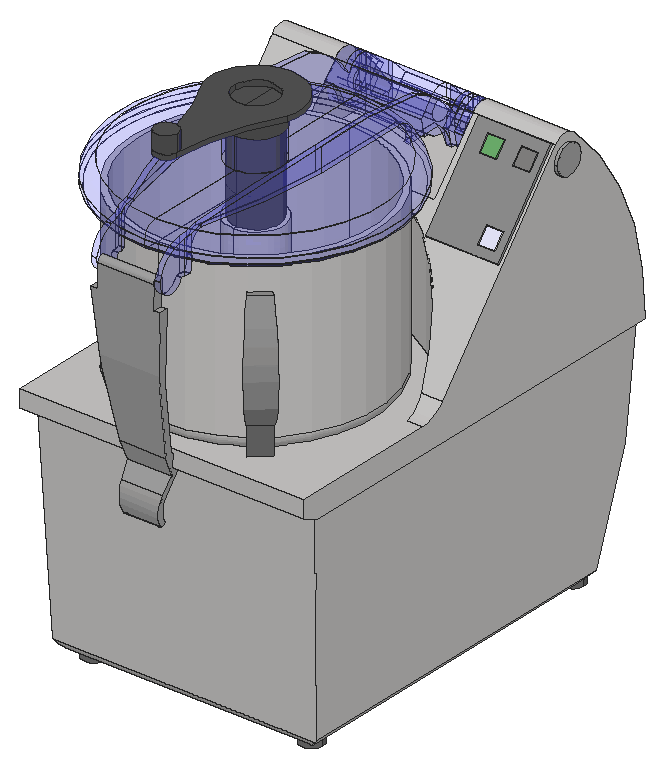
Revit family "QF_DITOSAMA_600451_DK55YVVI", category Specialty Equipment, Revit 2018
Family settings
  Round Connector Dimension = Use Diameter
  Part Type = Normal
  Work Plane-Based = No
  Always vertical = Yes
  Cut with Voids When Loaded = No
  Shared = No
  Room Calculation Point = No
Parameters (values of type "Standard")
  Weight = 22.00 kg
  Watts = 0 W
  Volts = 200 V
  URL Manufacturer = "http://www.ditosama.com"
  URL = "http://www.ditosama.com"
  Steam Supply Size = 0 mm
  Steam Supply Minimum Pressure = 0.0 Pa
  Steam Supply Maximum Pressure = 0.0 Pa
  Steam Pounds per Hour = 0
  Refrigeration Suction Line Size = 0.0 mm
  Refrigeration Liquid Line Size = 0.0 mm
  Refrigerant Compressor Remote = yes
  Manufacturer = "Dito Sama"
  Phase = 1
  Model = "DK55YVVI"
  Length Actual = 256.0 mm  # constant formula
  Item Number = "600451"
  Hot Water Size = 0 mm
  Height Actual = 482.0 mm  # constant formula
  HP = "1.7 HP"
  Gas Size = 0 mm
  Gas KW = 0
  Gas Input Pressure = 0 W
  Direct Waste Size = 0 mm
  Description = "CUTTER-MIXER 5.5L-MICROTOOTHED BLADE-VARIAB.SPEED-1300W-200-240V/1N/50-60-CB APPROVED, SCHUKO PLUG"
  Depth Actual = 415.0 mm  # constant formula
  Cycle = 50 Hz
  Condensate Return Size = 0 mm
  Compressed Air Volume = 0.0 L/s
  Compressed Air Size = 0 mm
  Compressed Air Pressure = 0.0 Pa
  Cold Water Size = 0 mm
  Accessory = yes
Reference planes
  plane 1 "Center (Front/Back)": y = 0
  plane 2: z = 0
  plane 3 "Center (Left/Right)": x = 0
  plane 4 "BASE": z = 6
  plane 5 "TOP": z = 685
  plane 6 "FRONT": y = -207.5
  plane 7 "BACK": y = 207.5
  plane 8 "LEFT": x = -128
  plane 9 "RIGHT": x = 128
  plane 10 "CenterX": x = -10
  plane 11 "Maniglia": through (-10, -59.177, 4000) normal (0.766, 0.6428, 0)
  plane 12 "Panel": through (4267.2, 107.252, 388.448) normal (0, 0.766, -0.6428)
  plane 13: z = 470
Forms (mm)
  Extrusion 1, solid, material "QF_Finishes_Stainless Steel"
    sketch origin (0, 0, 0) x (0, 1, 0) y (0, 0, 1)
      loop
        arc (155.897, 6) -> (160.37, 10.596) -> (163.359, 16.27) r 22.417
        arc (163.359, 16.27) -> (192.273, 107.896) -> (201.98, 203.483) r 470.678
        line (201.98, 203.483) -> (-161.42, 203.483)
        arc (-161.42, 203.483) -> (-159.547, 108.877) -> (-151.391, 14.604) r 1423.016
        arc (-151.391, 14.604) -> (-146.603, 8.365) -> (-139.103, 6) r 13.076
        line (-139.103, 6) -> (155.897, 6)
    from -128 to 128
  Extrusion 2, void
    sketch origin (0, -207.5, 0) x (-1, 0, 0) y (0, 0, 1)
      loop
        line (128, 203.483) -> (125, 203.483) -> (119.389, 16.27) -> (109.119, 6) -> (128, 6) -> (128, 203.483)
      loop
        line (-128, 203.483) -> (-128, 6) -> (-109.119, 6) -> (-119.389, 16.27) -> (-125, 203.483) -> (-128, 203.483)
    from 14.374 to 435.947
  Extrusion 3, solid, material "QF_Finishes_Stainless Steel"
    sketch origin (0, 0, 0) x (0, 1, 0) y (0, 0, 1)
      loop
        arc (207.5, 203.483) -> (187.745, 305.45) -> (127.203, 389.844) r 242.898
        arc (127.203, 389.844) -> (116.931, 393.38) -> (107.252, 388.448) r 13.902
        line (107.252, 388.448) -> (-20.106, 236.67)
        arc (-20.106, 236.67) -> (-30.264, 228.875) -> (-42.764, 226.104) r 29.578
        line (-42.764, 226.104) -> (-177.764, 226.104) -> (-177.764, 211.104) -> (-161.42, 203.483) -> (207.5, 203.483)
    from -128 to 128
  Extrusion 4, void
    sketch origin (0, -207.5, 0) x (-1, 0, 0) y (0, 0, 1)
      loop
        line (-53.607, 393.414) -> (-53.607, 336.684) -> (71.073, 336.684) -> (71.073, 393.414) -> (-53.607, 393.414)
    from 255.469 to 415
  Revolve 5, solid, material "QF_Plastic-Black"
    sketch origin (-10, 0, 0) x (0, -1, 0) y (0, 0, 1)
      loop
        line (59.177, 450.527) -> (28.516, 450.527) -> (35.424, 443.619) -> (35.424, 430.527) -> (38.194, 430.527) -> (38.194, 356.104) -> (59.177, 356.104) -> (59.177, 450.527)
      axis (59.177, 356.104) -> (59.177, 450.527)
    angle from 0 to 360
  Extrusion 6, solid, material "QF_Plastic-Black"
    sketch origin (0, 0, 0) x (1, 0, 0) y (0, 1, 0)
      loop
        arc (-48.167, -71.147) -> (-28.951, -114.517) -> (-19.956, -161.093) r 210.055
        arc (-19.956, -161.093) -> (-10, -170.155) -> (-0.044, -161.093) r 10
        arc (-0.044, -161.093) -> (8.951, -114.517) -> (28.167, -71.147) r 210.055
        arc (28.167, -71.147) -> (-10, -19.177) -> (-48.167, -71.147) r 40
    from 450.5 to 455
  Extrusion 7, solid, material "QF_Plastic-Black"
    sketch origin (0, 0, 0) x (1, 0, 0) y (0, 1, 0)
      loop
        circle (-10, -160.155) r 10
    from 455 to 470
  Extrusion 8, void
    sketch origin (0, 0, 0) x (1, 0, 0) y (0, 1, 0)
      loop
        circle (-10, -59.177) r 19
    from 427.6 to 472.8
  Extrusion 9, void
    sketch origin (0, 0, 0) x (1, 0, 0) y (0, 1, 0)
      loop
        arc (115, -59.177) -> (-10, 65.823) -> (-135, -59.177) r 125
        line (-135, -59.177) -> (115, -59.177)
    from 226.104 to 336.684
  Extrusion 10, void
    sketch origin (-20, 0, 0) x (-1, 0, 0) y (0, -1, 0)
      loop
        line (16.15, 177.864) -> (16.15, -123.86) -> (35.771, -123.86) -> (35.771, 48.192)
        arc (35.771, 48.192) -> (30.047, 105.502) -> (17.781, 161.776) r 500.876
        line (17.781, 161.776) -> (17.781, 171.776) -> (16.15, 177.864)
      loop
        line (40.771, -123.86) -> (45.852, -123.86) -> (45.852, 210.681) -> (21.15, 210.681) -> (21.15, 178.522) -> (22.781, 172.434) -> (22.781, 162.459)
        arc (22.781, 162.459) -> (35.047, 105.893) -> (40.771, 48.297) r 505.876
        line (40.771, 48.297) -> (40.771, -123.86)
    from 350.345 to 477.521
  Extrusion 11, solid, material "Glass"
    sketch origin (-20, 0, 0) x (0, 1, 0) y (0, 0, -1)
      loop
        line (-173.064, -369.647) -> (-181.303, -369.647)
        arc (-181.303, -369.647) -> (-196.341, -361.818) -> (-205.451, -376.117) r 12.548
        arc (-205.451, -376.117) -> (-199.87, -388.651) -> (-189.058, -397.099) r 28.357
        arc (-189.058, -397.099) -> (-65.868, -423.241) -> (59.99, -418.888) r 518.061
        arc (59.99, -418.888) -> (85.116, -404.522) -> (104.437, -382.973) r 90.696
        arc (104.437, -382.973) -> (113.885, -392.821) -> (127.203, -389.844) r 13.902
        arc (127.203, -389.844) -> (135.322, -382.188) -> (143.082, -374.167) r 242.898
        line (143.082, -374.167) -> (137.378, -368.464)
        arc (137.378, -368.464) -> (123.613, -353.84) -> (104.088, -358.543) r 20
        line (104.088, -358.543) -> (99.34, -358.543)
        arc (99.34, -358.543) -> (94.194, -371.609) -> (85.823, -382.884) r 53.446
        line (85.823, -382.884) -> (50.823, -382.884)
        arc (50.823, -382.884) -> (52.796, -383.701) -> (53.614, -385.674) r 2.79
        line (53.614, -385.674) -> (53.614, -390.892)
        arc (53.614, -390.892) -> (50.154, -399.244) -> (41.802, -402.703) r 11.812
        line (41.802, -402.703) -> (-160.307, -402.703)
        arc (-160.307, -402.703) -> (-168.659, -399.244) -> (-172.119, -390.892) r 11.812
        line (-172.119, -390.892) -> (-172.119, -385.826)
        arc (-172.119, -385.826) -> (-171.728, -384.361) -> (-170.659, -383.285) r 2.942
        line (-170.659, -383.285) -> (-173.064, -369.647)
      loop
        circle (117.901, -373.007) r 9.416
    from 16.15 to 45.852
  Extrusion 12, solid, material "Glass"
    sketch origin (0, 0, 0) x (0, 1, 0) y (0, 0, 1)
      loop
        line (137.378, 368.464) -> (143.082, 374.167)
        arc (143.082, 374.167) -> (135.322, 382.188) -> (127.203, 389.844) r 242.898
        arc (127.203, 389.844) -> (116.931, 393.38) -> (107.252, 388.448) r 13.902
        line (107.252, 388.448) -> (95.766, 374.76)
        arc (95.766, 374.76) -> (97.862, 366.72) -> (99.34, 358.543) r 108.872
        line (99.34, 358.543) -> (104.088, 358.543)
        arc (104.088, 358.543) -> (123.613, 353.84) -> (137.378, 368.464) r 20
      loop
        circle (117.901, 373.007) r 9.416
    from -71.073 to 53.607
  Extrusion 13, solid, material "QF_Finishes_Gray"
    sketch origin (0, 0, 0) x (0, 1, 0) y (0, 0, 1)
      loop
        arc (-182.273, 168.111) -> (-185.377, 178.111) -> (-182.273, 188.111) r 17.658
        line (-182.273, 188.111) -> (-169.592, 207.294) -> (-177.764, 211.104) -> (-177.764, 222.201) -> (-180.378, 224.815)
        arc (-180.378, 224.815) -> (-194.973, 298.318) -> (-196.805, 373.235) r 437.299
        arc (-196.805, 373.235) -> (-201.296, 377.726) -> (-205.788, 373.235) r 4.491
        arc (-205.788, 373.235) -> (-201.07, 296.739) -> (-185.461, 221.705) r 534.528
        line (-185.461, 221.705) -> (-177.764, 203.503) -> (-186.394, 190.943)
        arc (-186.394, 190.943) -> (-190.377, 178.111) -> (-186.394, 165.28) r 22.658
        arc (-186.394, 165.28) -> (-182.917, 164.635) -> (-182.273, 168.111) r 2.5
    from -49.646 to 27.326
  Extrusion 14, void
    sketch origin (0, -207.5, 0) x (-1, 0, 0) y (0, 0, 1)
      loop
        line (-15.15, 396.938) -> (-47.326, 396.938) -> (-47.326, 161.938) -> (-5.366, 161.938) -> (-20.516, 351.652) -> (-15.15, 351.652) -> (-15.15, 396.938)
      loop
        line (26.963, 161.938) -> (77.918, 161.938) -> (77.918, 396.938) -> (35.15, 396.938) -> (35.15, 351.652) -> (42.113, 351.652) -> (26.963, 161.938)
    from 46.08 to -69.339
  Extrusion 15, solid, material "Glass"
    sketch origin (0, 0, 0) x (0, 1, 0) y (0, 0, 1)
      loop
        line (-173.064, 369.647) -> (-170.659, 383.285)
        arc (-170.659, 383.285) -> (-171.728, 384.361) -> (-172.119, 385.826) r 2.942
        line (-172.119, 385.826) -> (-172.119, 390.892)
        arc (-172.119, 390.892) -> (-168.659, 399.244) -> (-160.307, 402.703) r 11.812
        line (-160.307, 402.703) -> (41.802, 402.703)
        arc (41.802, 402.703) -> (50.154, 399.244) -> (53.614, 390.892) r 11.812
        line (53.614, 390.892) -> (53.614, 385.674)
        arc (53.614, 385.674) -> (52.796, 383.701) -> (50.823, 382.884) r 2.79
        line (50.823, 382.884) -> (85.823, 382.884)
        arc (85.823, 382.884) -> (94.194, 371.609) -> (99.34, 358.543) r 53.446
        line (99.34, 358.543) -> (104.088, 358.543)
        arc (104.088, 358.543) -> (123.613, 353.84) -> (137.378, 368.464) r 20
        line (137.378, 368.464) -> (143.082, 374.167)
        arc (143.082, 374.167) -> (135.322, 382.188) -> (127.203, 389.844) r 242.898
        arc (127.203, 389.844) -> (113.885, 392.821) -> (104.437, 382.973) r 13.902
        arc (104.437, 382.973) -> (85.116, 404.522) -> (59.99, 418.888) r 90.696
        arc (59.99, 418.888) -> (-65.868, 423.241) -> (-189.058, 397.099) r 518.061
        arc (-189.058, 397.099) -> (-199.87, 388.651) -> (-205.451, 376.117) r 28.357
        arc (-205.451, 376.117) -> (-196.341, 361.818) -> (-181.303, 369.647) r 12.548
        line (-181.303, 369.647) -> (-173.064, 369.647)
      loop
        circle (117.901, 373.007) r 9.416
    from 16.15 to 45.852
  Extrusion 16, void
    sketch origin (0, 0, 0) x (1, 0, 0) y (0, 1, 0)
      loop
        line (16.15, -177.864) -> (17.781, -171.776) -> (17.781, -161.776)
        arc (17.781, -161.776) -> (30.047, -105.502) -> (35.771, -48.192) r 500.876
        line (35.771, -48.192) -> (35.771, 123.86) -> (16.15, 123.86) -> (16.15, -177.864)
      loop
        line (40.771, 123.86) -> (40.771, -48.297)
        arc (40.771, -48.297) -> (35.047, -105.893) -> (22.781, -162.459) r 505.876
        line (22.781, -162.459) -> (22.781, -172.434) -> (21.15, -178.522) -> (21.15, -210.681) -> (45.852, -210.681) -> (45.852, 123.86) -> (40.771, 123.86)
    from 350.345 to 477.521
  Revolve 17, solid, material "Glass"
    sketch origin (-10, 0, -40) x (0, -1, 0) y (0, 0, 1)
      loop
        line (38.194, 422.884) -> (38.194, 470.527) -> (35.424, 470.527) -> (35.424, 442.703) -> (-53.802, 442.703)
        arc (-53.802, 442.703) -> (-62.213, 439.268) -> (-65.732, 430.892) r 11.871
        line (-65.732, 430.892) -> (-65.732, 425.793)
        arc (-65.732, 425.793) -> (-64.88, 423.736) -> (-62.823, 422.884) r 2.909
        line (-62.823, 422.884) -> (38.194, 422.884)
      axis (59.177, 422.884) -> (59.177, 470.527)
    angle from 0 to 360
  Revolve 18, solid, material "QF_Metal-Stainless-Polished"
    sketch origin (-10, 0, 0) x (0, -1, 0) y (0, 0, 1)
      loop
        line (169.177, 382.884) -> (164.177, 382.884) -> (164.177, 237.884)
        arc (164.177, 237.884) -> (162.191, 233.09) -> (157.397, 231.104) r 6.78
        line (157.397, 231.104) -> (84.177, 231.104) -> (84.177, 356.104) -> (79.177, 356.104) -> (79.177, 226.104) -> (157.397, 226.104)
        arc (157.397, 226.104) -> (165.726, 229.554) -> (169.177, 237.884) r 11.78
        line (169.177, 237.884) -> (169.177, 382.884)
      axis (59.177, 382.884) -> (59.177, 226.104)
    angle from 0 to 360
  Extrusion 19, solid, material "QF_Plastic-Gray-Matte"
    sketch origin (-49.423, -13.925, 0) x (0.634002, 0.773331, 0) y (-0.773331, 0.634002, 0)
      loop
        line (-55.497, -222.333) -> (-26.468, -227.794) -> (-20.635, -161.119)
        arc (-20.635, -161.119) -> (-28.727, -159.898) -> (-36.729, -158.185) r 133.529
        line (-36.729, -158.185) -> (-55.497, -222.333)
    from 226.104 to 356.104
  Revolve 20, void
    sketch origin (-35.007, -29.374, 0) x (-0.642788, 0.766044, 0) y (0, 0, 1)
      loop
        arc (-155.215, 337.579) -> (-171.344, 302.579) -> (-155.215, 267.579) r 46.04
        line (-155.215, 267.579) -> (-147.754, 267.579) -> (-147.754, 337.579) -> (-155.215, 337.579)
      loop
        line (-155.215, 356.104) -> (-147.754, 356.104) -> (-147.754, 361.761) -> (-215.215, 361.761) -> (-215.215, 226.104) -> (-147.754, 226.104) -> (-147.754, 256.485) -> (-163.93, 256.485)
        arc (-163.93, 256.485) -> (-184.453, 308.471) -> (-155.215, 356.104) r 62.537
      axis (10, 361.761) -> (10, 226.104)
    angle from -8.217 to 8.652
  Extrusion 21, solid, material "QF_Finishes_Rubber Black"
    sketch origin (0, 0, 0) x (1, 0, 0) y (0, 1, 0)
      loop
        arc (57.446, -154.071) -> (64.931, -148.135) -> (72.061, -141.775) r 165.215
        line (72.061, -141.775) -> (66.401, -136.116)
        arc (66.401, -136.116) -> (59.824, -141.977) -> (52.928, -147.46) r 157.215
        line (52.928, -147.46) -> (57.446, -154.071)
    from 226.104 to 256.485
  Extrusion 22, solid, material "QF_Plastic-Gray-Matte"
    sketch origin (0, -128.336, 107.686) x (0, 0.642788, 0.766044) y (1, 0, 0)
      loop
        line (366.07, 59.066) -> (366.07, 124.8) -> (272.743, 124.8) -> (272.743, 59.066) -> (366.07, 59.066)
      loop
        line (356.63, 102.599) -> (356.63, 117.599) -> (341.63, 117.599) -> (341.63, 102.599) -> (356.63, 102.599)
      loop
        line (295.63, 102.599) -> (295.63, 117.599) -> (280.63, 117.599) -> (280.63, 102.599) -> (295.63, 102.599)
      loop
        line (356.63, 72.599) -> (356.63, 87.599) -> (341.63, 87.599) -> (341.63, 72.599) -> (356.63, 72.599)
    from -1 to 0.6
  Extrusion 23, solid, material "QF_Finishes_Red"
    sketch origin (0, -128.336, 107.686) x (0, 0.642788, 0.766044) y (1, 0, 0)
      loop
        line (356.63, 102.599) -> (356.63, 117.599) -> (341.63, 117.599) -> (341.63, 102.599) -> (356.63, 102.599)
    from -1 to 0.6
  Extrusion 24, solid, material "QF_Finishes_Green"
    sketch origin (-27.396, -127.834, 108.284) x (0, 0.642788, 0.766044) y (1, 0, 0)
      loop
        line (355.85, 99.994) -> (355.85, 114.994) -> (340.786, 114.994) -> (340.786, 99.994) -> (355.85, 99.994)
    from -1 to 0.6
  Extrusion 25, solid, material "QF_Plastic-White-Matte"
    sketch origin (0, -167.546, 60.958) x (0, 0.642788, 0.766044) y (1, 0, 0)
      loop
        line (356.63, 102.599) -> (356.63, 117.599) -> (341.63, 117.599) -> (341.63, 102.599) -> (356.63, 102.599)
    from -1 to 0.6
  Extrusion 26, solid, material "QF_Finishes_Stainless Steel"
    sketch origin (0, 207.5, 0) x (-1, 0, 0) y (0, 0, 1)
      loop
        circle (0, 202) r 10.353
    from -6.2 to 3
  Revolve 27, solid, material "QF_Door-Drawer Clearances", detail levels coarse
    sketch origin (-10, -221.856, 479.549) x (0, 0, 1) y (0, 1, 0)
      loop
        line (59.177, 490.527) -> (28.516, 490.527) -> (35.424, 483.619) -> (35.424, 470.527) -> (38.194, 470.527) -> (38.194, 442.703) -> (59.177, 442.703) -> (59.177, 490.527)
      axis (59.177, 442.703) -> (59.177, 490.527)
    angle from 0 to 360
  Extrusion 28, solid, material "QF_Door-Drawer Clearances", detail levels coarse
    sketch origin (0, -221.856, 479.549) x (1, 0, 0) y (0, 0, -1)
      loop
        arc (-48.167, -71.147) -> (-28.951, -114.517) -> (-19.956, -161.093) r 210.055
        arc (-19.956, -161.093) -> (-10, -170.155) -> (-0.044, -161.093) r 10
        arc (-0.044, -161.093) -> (8.951, -114.517) -> (28.167, -71.147) r 210.055
        arc (28.167, -71.147) -> (-10, -19.177) -> (-48.167, -71.147) r 40
    from 490.527 to 495.013
  Extrusion 29, solid, material "QF_Door-Drawer Clearances", detail levels coarse
    sketch origin (0, -221.856, 479.549) x (1, 0, 0) y (0, 0, -1)
      loop
        circle (-10, -160.155) r 10
    from 495.013 to 510.592
  Extrusion 30, void
    sketch origin (-20, -221.856, 479.359) x (-1, 0, 0) y (0, 0, 1)
      loop
        line (16.15, 177.864) -> (16.15, -123.86) -> (35.771, -123.86) -> (35.771, 48.192)
        arc (35.771, 48.192) -> (30.047, 105.502) -> (17.781, 161.776) r 500.876
        line (17.781, 161.776) -> (17.781, 171.776) -> (16.15, 177.864)
      loop
        line (40.771, -123.86) -> (45.852, -123.86) -> (45.852, 210.681) -> (21.15, 210.681) -> (21.15, 178.522) -> (22.781, 172.434) -> (22.781, 162.459)
        arc (22.781, 162.459) -> (35.047, 105.893) -> (40.771, 48.297) r 505.876
        line (40.771, 48.297) -> (40.771, -123.86)
    from 350.345 to 477.521
  Extrusion 31, solid, material "QF_Door-Drawer Clearances", detail levels coarse
    sketch origin (-20, -221.856, 479.359) x (0, 0, -1) y (0, -1, 0)
      loop
        line (-173.064, -409.647) -> (-181.303, -409.647)
        arc (-181.303, -409.647) -> (-196.341, -401.818) -> (-205.451, -416.117) r 12.548
        arc (-205.451, -416.117) -> (-199.87, -428.651) -> (-189.058, -437.099) r 28.357
        arc (-189.058, -437.099) -> (-65.868, -463.241) -> (59.99, -458.888) r 518.061
        arc (59.99, -458.888) -> (92.246, -438.11) -> (113.023, -405.855) r 90.696
        arc (113.023, -405.855) -> (114.903, -399.662) -> (115.972, -393.28) r 50.278
        arc (115.972, -393.28) -> (121.968, -392.806) -> (127.203, -389.844) r 13.902
        arc (127.203, -389.844) -> (129.309, -387.924) -> (131.393, -385.98) r 242.898
        arc (131.393, -385.98) -> (114.739, -373.307) -> (99.238, -359.247) r 242.898
        arc (99.238, -359.247) -> (87.934, -393.903) -> (65.823, -422.884) r 108.872
        line (65.823, -422.884) -> (50.823, -422.884)
        arc (50.823, -422.884) -> (52.796, -423.701) -> (53.614, -425.674) r 2.79
        line (53.614, -425.674) -> (53.614, -430.892)
        arc (53.614, -430.892) -> (50.154, -439.244) -> (41.802, -442.703) r 11.812
        line (41.802, -442.703) -> (-160.307, -442.703)
        arc (-160.307, -442.703) -> (-168.659, -439.244) -> (-172.119, -430.892) r 11.812
        line (-172.119, -430.892) -> (-172.119, -425.826)
        arc (-172.119, -425.826) -> (-171.728, -424.361) -> (-170.659, -423.285) r 2.942
        line (-170.659, -423.285) -> (-173.064, -409.647)
    from 16.15 to 45.852
  Extrusion 32, void
    sketch origin (0, -221.856, 479.359) x (1, 0, 0) y (0, 0, -1)
      loop
        line (16.15, -177.864) -> (17.781, -171.776) -> (17.781, -161.776)
        arc (17.781, -161.776) -> (30.047, -105.502) -> (35.771, -48.192) r 500.876
        line (35.771, -48.192) -> (35.771, 123.86) -> (16.15, 123.86) -> (16.15, -177.864)
      loop
        line (40.771, 123.86) -> (40.771, -48.297)
        arc (40.771, -48.297) -> (35.047, -105.893) -> (22.781, -162.459) r 505.876
        line (22.781, -162.459) -> (22.781, -172.434) -> (21.15, -178.522) -> (21.15, -210.681) -> (45.852, -210.681) -> (45.852, 123.86) -> (40.771, 123.86)
    from 350.345 to 477.521
  Extrusion 33, solid, material "QF_Door-Drawer Clearances", detail levels coarse
    sketch origin (0, -221.856, 479.359) x (0, 0, -1) y (0, 1, 0)
      loop
        line (-173.064, 409.647) -> (-170.659, 423.285)
        arc (-170.659, 423.285) -> (-171.728, 424.361) -> (-172.119, 425.826) r 2.942
        line (-172.119, 425.826) -> (-172.119, 430.892)
        arc (-172.119, 430.892) -> (-168.659, 439.244) -> (-160.307, 442.703) r 11.812
        line (-160.307, 442.703) -> (41.802, 442.703)
        arc (41.802, 442.703) -> (50.154, 439.244) -> (53.614, 430.892) r 11.812
        line (53.614, 430.892) -> (53.614, 425.674)
        arc (53.614, 425.674) -> (52.796, 423.701) -> (50.823, 422.884) r 2.79
        line (50.823, 422.884) -> (65.823, 422.884)
        arc (65.823, 422.884) -> (87.934, 393.903) -> (99.238, 359.247) r 108.872
        arc (99.238, 359.247) -> (114.739, 373.307) -> (131.393, 385.98) r 242.898
        arc (131.393, 385.98) -> (129.309, 387.924) -> (127.203, 389.844) r 242.898
        arc (127.203, 389.844) -> (121.968, 392.806) -> (115.972, 393.28) r 13.902
        arc (115.972, 393.28) -> (114.903, 399.662) -> (113.023, 405.855) r 50.278
        arc (113.023, 405.855) -> (92.246, 438.11) -> (59.99, 458.888) r 90.696
        arc (59.99, 458.888) -> (-65.868, 463.241) -> (-189.058, 437.099) r 518.061
        arc (-189.058, 437.099) -> (-199.87, 428.651) -> (-205.451, 416.117) r 28.357
        arc (-205.451, 416.117) -> (-196.341, 401.818) -> (-181.303, 409.647) r 12.548
        line (-181.303, 409.647) -> (-173.064, 409.647)
    from 16.15 to 45.852
  Revolve 34, solid, material "QF_Door-Drawer Clearances", detail levels coarse
    sketch origin (-10, -221.856, 479.549) x (0, 0, 1) y (0, 1, 0)
      loop
        line (38.194, 422.884) -> (38.194, 470.527) -> (35.424, 470.527) -> (35.424, 442.703) -> (-53.802, 442.703)
        arc (-53.802, 442.703) -> (-62.213, 439.268) -> (-65.732, 430.892) r 11.871
        line (-65.732, 430.892) -> (-65.732, 425.793)
        arc (-65.732, 425.793) -> (-64.88, 423.736) -> (-62.823, 422.884) r 2.909
        line (-62.823, 422.884) -> (38.194, 422.884)
      axis (59.177, 422.884) -> (59.177, 470.527)
    angle from 0 to 360
  Extrusion 35, solid, material "QF_Finishes_Rubber Black"
    sketch origin (0, 0, 0) x (1, 0, 0) y (0, 1, 0)
      loop
        circle (-98.592, 163.359) r 10
      loop
        circle (-98.592, -131.641) r 10
      loop
        circle (98.592, 163.359) r 10
      loop
        circle (98.592, -131.641) r 10
    from 0 to 6
  Extrusion 36, solid, material "QF_Finishes_Gray"
    sketch origin (0, 0, 0) x (0, 1, 0) y (0, 0, 1)
      loop
        circle (117.901, 373.007) r 13.005
    from 131.516 to 128
  Extrusion 37, solid, material "QF_Finishes_Gray"
    sketch origin (0, 0, 0) x (0, 1, 0) y (0, 0, -1)
      loop
        circle (117.901, -373.007) r 13.005
    from 131.516 to 128
Cuts and joins
  Extrusion 2, Extrusion 8, Extrusion 9 cuts Extrusion 1
  Extrusion 4, Extrusion 9 cuts Extrusion 3
  Extrusion 8 cuts Extrusion 6
  Extrusion 10, Extrusion 16, Extrusion 30, Extrusion 32 cuts Extrusion 11
  Extrusion 14, Extrusion 16, Extrusion 30 cuts Extrusion 13
  Extrusion 16, Extrusion 30, Extrusion 32 cuts Extrusion 12
  Extrusion 16 cuts Extrusion 15
  Revolve 20 cuts Extrusion 19
  Extrusion 30 cuts Revolve 17
  Extrusion 30 cuts Revolve 18
  Extrusion 30, Extrusion 32 cuts Extrusion 31
  Extrusion 32 cuts Extrusion 33
Lines and regions (mm)
  symbolic lines
    curve 1: arc (-10, -172.155, 0) -> (3.999, -171.284, 0) -> (17.781, -168.686, 0) r 112.979
    curve 2: arc (-10, -184.085, 0) -> (-23.148, -183.391, 0) -> (-36.15, -181.317, 0) r 124.909
    curve 3: line (128, -157.764, 0) -> (128, 187.57, 0)
    curve 4: line (124.8, 106.204, 0) -> (59.066, 106.204, 0)
    curve 5: line (102.599, 90.494, 0) -> (117.599, 90.494, 0)
    curve 6: line (117.599, 62.151, 0) -> (102.599, 62.151, 0)
    curve 7: line (102.599, 51.284, 0) -> (117.599, 51.284, 0)
    curve 8: line (102.599, 62.151, 0) -> (102.599, 51.284, 0)
    curve 9: line (117.599, 51.284, 0) -> (117.599, 62.151, 0)
    curve 10: line (117.599, 90.494, 0) -> (117.599, 101.361, 0)
    curve 11: line (102.599, 101.361, 0) -> (102.599, 90.494, 0)
    curve 12: arc (-0.044, -161.093, 0) -> (8.951, -114.517, 0) -> (28.167, -71.147, 0) r 210.055
    curve 13: arc (28.167, -71.147, 0) -> (-10, -19.177, 0) -> (-48.167, -71.147, 0) r 40
    curve 14: arc (-48.167, -71.147, 0) -> (-28.951, -114.517, 0) -> (-19.956, -161.093, 0) r 210.055
    curve 15: arc (-19.956, -161.093, 0) -> (-10, -170.155, 0) -> (-0.044, -161.093, 0) r 10
    curve 16: arc (0, -160.155, 0) -> (-10, -150.155, 0) -> (-20, -160.155, 0) r 10
    curve 17: arc (-55.771, -48.192, 0) -> (-50.047, -105.502, 0) -> (-37.781, -161.776, 0) r 500.876
    curve 18: arc (-42.781, -162.459, 0) -> (-55.047, -105.893, 0) -> (-60.771, -48.297, 0) r 505.876
    curve 19: line (-55.771, 123.86, 0) -> (-55.771, -48.192, 0)
    curve 20: line (-60.771, -48.297, 0) -> (-60.771, 123.86, 0)
    curve 21: line (40.771, 123.86, 0) -> (40.771, -48.297, 0)
    curve 22: line (35.771, -48.192, 0) -> (35.771, 123.86, 0)
    curve 23: arc (40.771, -48.297, 0) -> (35.047, -105.893, 0) -> (22.781, -162.459, 0) r 505.876
    curve 24: arc (17.781, -161.776, 0) -> (30.047, -105.502, 0) -> (35.771, -48.192, 0) r 500.876
    curve 25: line (22.781, -162.459, 0) -> (22.781, -172.434, 0)
    curve 26: line (17.781, -171.776, 0) -> (17.781, -161.776, 0)
    curve 27: line (16.15, -177.864, 0) -> (17.781, -171.776, 0)
    curve 28: line (22.781, -172.434, 0) -> (21.15, -178.522, 0)
    curve 29: line (21.15, -178.522, 0) -> (21.15, -205.641, 0)
    curve 30: line (-37.781, -161.776, 0) -> (-37.781, -171.776, 0)
    curve 31: line (-42.781, -172.434, 0) -> (-42.781, -162.459, 0)
    curve 32: line (-41.15, -178.522, 0) -> (-42.781, -172.434, 0)
    curve 33: line (-37.781, -171.776, 0) -> (-36.15, -177.864, 0)
    curve 34: line (-41.15, -205.641, 0) -> (-41.15, -178.522, 0)
    curve 35: spline (22.008, -197.61, 0) -> (21.937, -197.617, 0) -> (21.865, -197.622, 0) -> (21.794, -197.626, 0) -> (21.722, -197.627, 0) -> (21.651, -197.627, 0) -> (21.579, -197.625, 0) -> (21.508, -197.621, 0) -> (21.436, -197.615, 0) -> (21.365, -197.608, 0) -> (21.293, -197.598, 0) -> (21.222, -197.587, 0) -> (21.15, -197.574, 0)
    curve 36: line (-71.073, 171.51, 0) -> (53.607, 171.51, 0)
    curve 37: line (59.066, 46.214, 0) -> (124.8, 46.214, 0)
    curve 38: line (59.066, 106.204, 0) -> (59.066, 46.214, 0)
    curve 39: line (124.8, 46.214, 0) -> (124.8, 107.429, 0)
    curve 40: line (53.607, 48.324, 0) -> (53.607, 171.51, 0)
    curve 41: line (-71.073, 171.51, 0) -> (-71.073, 49.783, 0)
    curve 42: arc (40.771, 54.948, 0) -> (114.476, -69.566, 0) -> (21.15, -180.138, 0) r 124.909
    curve 43: arc (-60.771, 41.751, 0) -> (-122.562, -68.863, 0) -> (-42.781, -167.295, 0) r 112.979
    curve 44: line (93.154, -162.392, 0) -> (78.293, -147.531, 0)
    curve 45: line (93.154, -162.392, 0) -> (74.048, -178.424, 0)
    curve 46: line (74.048, -178.424, 0) -> (61.96, -161.274, 0)
    curve 47: arc (-37.781, -168.686, 0) -> (-23.999, -171.284, 0) -> (-10, -172.155, 0) r 112.979
    curve 48: arc (-41.15, -180.138, 0) -> (-94.625, -151.05, 0) -> (-128, -100.142, 0) r 124.909
    curve 49: arc (22.781, -167.295, 0) -> (102.562, -68.863, 0) -> (40.771, 41.751, 0) r 112.979
    curve 50: arc (16.15, -181.317, 0) -> (3.148, -183.391, 0) -> (-10, -184.085, 0) r 124.909
    curve 51: line (16.15, -205.242, 0) -> (16.15, -177.864, 0)
    curve 52: line (-36.15, -205.641, 0) -> (-36.15, -177.864, 0)
    curve 53: line (-41.15, -205.641, 0) -> (21.15, -205.641, 0)
    curve 54: line (22.008, -205.53, 0) -> (22.008, -197.61, 0)
    curve 55: line (22.008, -205.53, 0) -> (21.15, -205.53, 0)
    curve 56: spline (-42.008, -197.61, 0) -> (-41.937, -197.617, 0) -> (-41.865, -197.622, 0) -> (-41.794, -197.626, 0) -> (-41.722, -197.627, 0) -> (-41.651, -197.627, 0) -> (-41.579, -197.625, 0) -> (-41.508, -197.621, 0) -> (-41.436, -197.615, 0) -> (-41.365, -197.608, 0) -> (-41.293, -197.598, 0) -> (-41.222, -197.587, 0) -> (-41.15, -197.574, 0)
    curve 57: line (-42.008, -205.53, 0) -> (-42.008, -197.61, 0)
    curve 58: line (-42.008, -205.53, 0) -> (-41.15, -205.53, 0)
    curve 59: arc (-128, -18.211, 0) -> (-101.973, 25.34, 0) -> (-60.771, 54.948, 0) r 124.909
    curve 60: arc (-128, -100.142, 0) -> (-134.909, -59.177, 0) -> (-128, -18.211, 0) r 124.909
    curve 61: line (-108, -177.764, 0) -> (-49.233, -177.764, 0)
    curve 62: line (-128, 187.57, 0) -> (-128, -17.764, 0)
    curve 63: line (29.233, -177.764, 0) -> (108, -177.764, 0)
    curve 64: line (-128, -97.764, 0) -> (-128, -157.764, 0)
    curve 65: line (-108, 207.57, 0) -> (108, 207.57, 0)
    curve 66: arc (-128, -157.764, 0) -> (-122.142, -171.906, 0) -> (-108, -177.764, 0) r 20
    curve 67: arc (108, -177.764, 0) -> (122.142, -171.906, 0) -> (128, -157.764, 0) r 20
    curve 68: arc (128, 187.57, 0) -> (122.142, 201.713, 0) -> (108, 207.57, 0) r 20
    curve 69: arc (-108, 207.57, 0) -> (-122.142, 201.713, 0) -> (-128, 187.57, 0) r 20
    curve 70: line (45.852, 123.86, 0) -> (-71.073, 123.86, 0)
    curve 71: line (45.852, 137.378, 0) -> (-65.852, 137.378, 0)
    curve 72: line (45.852, 143.082, 0) -> (-65.852, 143.082, 0)
    curve 73: line (53.607, 123.86, 0) -> (45.852, 123.86, 0)
    curve 74: line (45.852, 123.86, 0) -> (45.852, 170.216, 0)
    curve 75: line (45.852, 170.216, 0) -> (-65.852, 170.216, 0)
    curve 76: line (-65.852, 170.216, 0) -> (-65.852, 123.86, 0)
    curve 77: line (102.599, 101.361, 0) -> (117.599, 101.361, 0)
    curve 78: line (72.599, 90.494, 0) -> (87.599, 90.494, 0)
    curve 79: line (87.599, 90.494, 0) -> (87.599, 101.361, 0)
    curve 80: line (72.599, 101.361, 0) -> (72.599, 90.494, 0)
    curve 81: line (72.599, 101.361, 0) -> (87.599, 101.361, 0)
Dimensions and locks
  plane 4 "BASE" to level = 6.0 mm
  plane 5 "TOP" to level = 685.0 mm  (x2)
  plane 8 "LEFT" to plane 3 "Center (Left/Right)" to plane 9 "RIGHT" = 128.0 mm, 128.0 mm
  plane 7 "BACK" to plane 1 "Center (Front/Back)" to plane 6 "FRONT" = 207.5 mm, 207.5 mm
  plane 7 "BACK" to plane 6 "FRONT" = 415.0 mm
  plane 8 "LEFT" to plane 9 "RIGHT" = 256.0 mm
  plane 10 "CenterX" to plane 3 "Center (Left/Right)" = 10.0 mm
  plane 13 to level = 470.0 mm
  aligned and locked: level to plane 2
  aligned and locked: Extrusion 22 sketch curve to Extrusion 23
Connectors
  electrical at (0, 210.5, 202)
    settings: on Extrusion 26, index 1, voltage 0 V, apparent load 0 VA, apparent load phase1 0 VA, apparent load phase2 0 VA, apparent load phase3 0 VA, power factor 1, load classification "Other", number of poles 1, system type 30, power factor state 1, is connector primary yes, connector utility no, sub classification motor no, connector description "Electrical connection"
